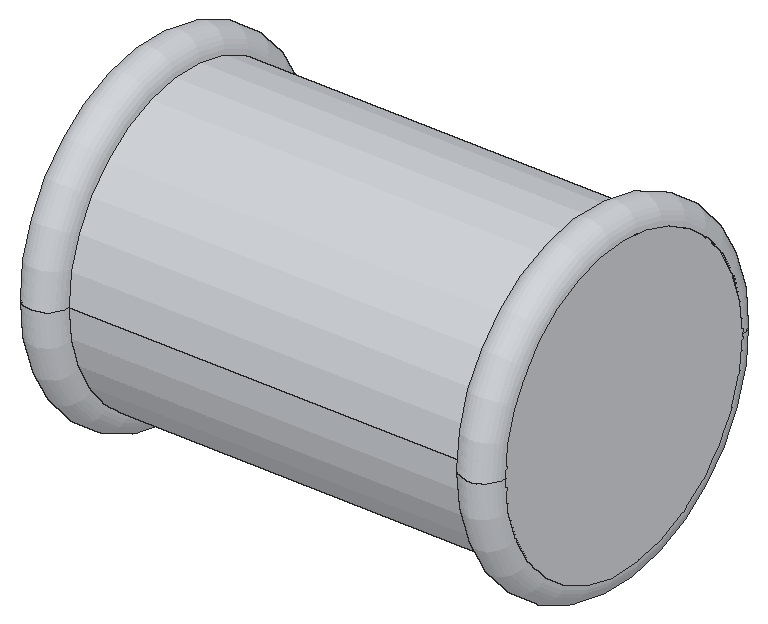
Revit family "4768b08aaf2e46af88c2621424253a51", category Conduit Fittings, Revit 2021
Family settings
  Round Connector Dimension = Use Radius
  Part Type = Union
  OmniClass Number = 23.80.30.17.11
  OmniClass Title = Conduits
  Work Plane-Based = No
  Always vertical = Yes
  Cut with Voids When Loaded = No
  Shared = No
Parameters (values of type "Standard")
  Nominal Radius [instance] = 1/4"
  Nominal Diameter [instance] = Nominal Radius * 2  # 1/2"
  Length 1 [instance] = Fitting Outside Diameter / 14  # 0.06696"
  Fitting Outside Radius [instance] = Fitting Outside Diameter / 2  # 15/32"
  Fitting Outside Diameter [instance] = size_lookup(Conduit Size Lookup, "FOD", 1.22 * Nominal Diameter + 1/4", Nominal Diameter)  # 15/16"
  Length [instance] = size_lookup(Conduit Size Lookup, "Lgt", 1.15 * Nominal Diameter + 1 13/256", Nominal Diameter)  # 1 33/64"
  Default Elevation = 0' - 0"
  Conduit Size Lookup = "Conduit Coupling - Compression - Steel"
Reference planes (in)
  plane 1 "Center (Front/Back)": y = 0
  plane 2: z = 0
  plane 3 "Center (Left/Right)": x = 0
  plane 4: x = 1.51563
  plane 5: x = 0.75781
  plane 6: x = 0.06696
  plane 7: x = 1.44866
  plane 8: x = 1.3817
  plane 9: x = 0.13393
  plane 10: y = 0.46875
Forms (in)
  Sweep 1, solid, detail levels fine
    path in 3D
      loop
        line (0, 0, 0) -> (1.51563, 0, 0)
    profile origin (0.75781, 0, 0) x (0, 1, 0) y (0, 0, 1)
      loop
        circle (0, 0) r 0.46875
  Revolve 2, solid, detail levels fine
    sketch origin (0, 0, 0) x (1, 0, 0) y (0, 1, 0)
      loop
        circle (0.06696, 0.46875) r 0.06696
      axis (0, 0) -> (0.13393, 0)
    angle from 0 to 360
  Revolve 3, solid, detail levels fine
    sketch origin (0, 0, 0) x (1, 0, 0) y (0, 1, 0)
      loop
        circle (1.44866, 0.46875) r 0.06696
      axis (1.3817, 0) -> (1.51563, 0)
    angle from 0 to 360
Cuts and joins
  joined: Sweep 1, Revolve 2, Revolve 3
Lines and regions (in)
  model lines, detail levels coarse+medium
    curve 1: line (0, 0, 0) -> (1.51563, 0, 0)
  sketch lines
    curve 2: line (0, 0, 0) -> (1.51563, 0, 0)
Dimensions and locks (in)
  "Length": plane 3 "Center (Left/Right)" to plane 4
  equal spacing: plane 3 "Center (Left/Right)", plane 5, plane 4
  "Length 1": plane 3 "Center (Left/Right)" to plane 6
  equal spacing: plane 6, plane 5, plane 7
  equal spacing: plane 8, plane 7, plane 4
  equal spacing: plane 9, plane 5, plane 8
  "Fitting Outside Radius": plane 1 "Center (Front/Back)" to plane 10
  "Fitting Outside Radius": radius of Sweep 1 sketch curve
  "Length 1": radius of Revolve 2 sketch curve
  "Length 1": radius of Revolve 3 sketch curve
  aligned and locked: plane 3 "Center (Left/Right)" to curve 1
  aligned and locked: plane 4 to curve 1
  aligned and locked: plane 1 "Center (Front/Back)" to curve 1
  aligned and locked: plane 1 "Center (Front/Back)" to Sweep 1 sketch curve
  aligned and locked: plane 2 to Sweep 1 sketch curve
  aligned and locked: plane 10 to Revolve 2 sketch curve
  aligned and locked: plane 6 to Revolve 2 sketch curve
  aligned and locked: plane 3 "Center (Left/Right)" to Revolve 2 sketch curve
  aligned and locked: plane 4 to Revolve 2 sketch curve
  aligned and locked: plane 1 "Center (Front/Back)" to Revolve 2 sketch curve
  aligned and locked: plane 10 to Revolve 3 sketch curve
  aligned and locked: plane 7 to Revolve 3 sketch curve
  aligned and locked: plane 1 "Center (Front/Back)" to Revolve 3 sketch curve
  aligned and locked: plane 3 "Center (Left/Right)" to Revolve 3 sketch curve
  aligned and locked: plane 4 to Revolve 3 sketch curve
Connectors (in)
  cabletrayconduit at (0, 0, 0), diameter 0.5, driven by "Nominal Radius"
    settings: on Sweep 1, index 1, connector width 1' - 0", connector height 1' - 0", connector angle 0.00°, system type 32, placement type 0, profile type 0, connector reference index 2, is primary connector yes, connector utility param no, connector description ""
  cabletrayconduit at (1.51563, 0, 0), diameter 0.5, driven by "Nominal Radius"
    settings: on Sweep 1, index 2, connector width 1' - 0", connector height 1' - 0", connector angle 0.00°, system type 32, placement type 0, profile type 0, connector reference index 1, is primary connector no, connector utility param no, connector description ""
